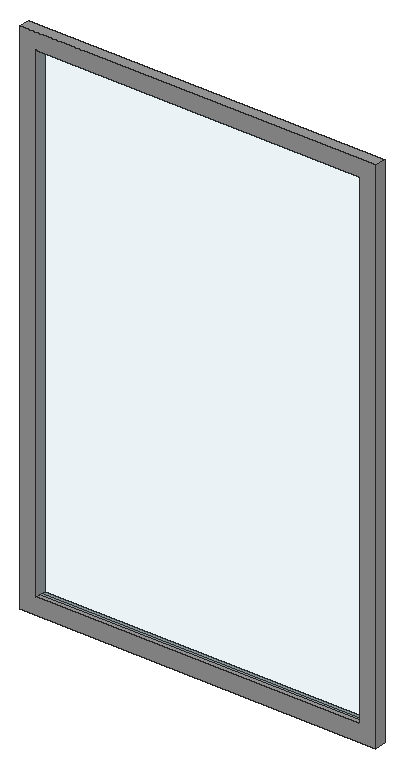
Revit family
Parameters (values of type "M_Curtain Wall Awning")
  valraam [instance] = yes
  uitzetraam [instance] = yes
  draairaam rechts [instance] = yes
  draairaam links [instance] = yes
  Glass Pane Material = Glass
  Offset = 75 mm
  Sash Material = Metal - Aluminum
  Sash Width = 75 mm
  Thickness = 50 mm
  Assembly Code = ""
Reference planes
  plane 1: y = 0
  plane 2: z = 0
  plane 3: x = 0
  plane 4: x = -831.877
  plane 5: x = 831.877
  plane 6: z = 2438.4
  plane 7 "buitenzijde": y = 75
  plane 8 "binnenzijde": y = 25
  plane 9: z = 2363.4
  plane 10: z = 75
  plane 11: x = 756.877
  plane 12: x = -756.877
  plane 13 "Closure": y = 44.05
  plane 14: z = 1219.2
Forms (mm)
  Extrusion 1, solid, material "Metal - Aluminum" <- "Sash Material"
    sketch origin (0, 0, 0) x (0, 0, -1) y (1, 0, 0)
      loop
        line (-2438.4, 831.877) -> (-2438.4, -831.877) -> (0, -831.877) -> (0, 831.877) -> (-2438.4, 831.877)
      loop
        line (-2363.4, 756.877) -> (-2363.4, -756.877) -> (-75, -756.877) -> (-75, 756.877) -> (-2363.4, 756.877)
    from -75 to -25
  Extrusion 2, solid, material "Glass" <- "Glass Pane Material"
    sketch origin (0, 25, 0) x (0, 0, -1) y (1, 0, 0)
      loop
        line (-2363.4, -756.877) -> (-75, -756.877) -> (-75, 756.877) -> (-2363.4, 756.877) -> (-2363.4, -756.877)
    from -31.75 to -19.05
Lines and regions (mm)
  symbolic lines, style "WindowsFrameMullionProjection"
    curve 1: line (756.877, 75, 0) -> (-756.877, 75, 0)
    curve 2: line (831.877, 25, 0) -> (831.877, 75, 0)
    curve 3: line (-756.877, 25, 0) -> (756.877, 25, 0)
    curve 4: line (-831.877, 75, 0) -> (-831.877, 25, 0)
    curve 9: line (-831.877, 75, 0) -> (-756.877, 75, 0)
    curve 10: line (-831.877, 25, 0) -> (-831.877, 75, 0)
    curve 11: line (-756.877, 25, 0) -> (-831.877, 25, 0)
    curve 12: line (-756.877, 75, 0) -> (-756.877, 25, 0)
    curve 13: line (831.877, 75, 0) -> (756.877, 75, 0)
    curve 14: line (831.877, 25, 0) -> (831.877, 75, 0)
    curve 15: line (756.877, 25, 0) -> (831.877, 25, 0)
    curve 16: line (756.877, 75, 0) -> (756.877, 25, 0)
  symbolic lines, style "Elevation Swing", visible <- "valraam"
    curve 5: line (831.877, 0, 0) -> (0, 0, 2438.4)
    curve 6: line (-831.877, 0, 0) -> (0, 0, 2438.4)
    curve 7: line (831.877, 75, 0) -> (0, 75, 2438.4)
    curve 8: line (-831.877, 75, 0) -> (0, 75, 2438.4)
  symbolic lines, style "WindowsGlassProjection"
    curve 17: line (-756.877, 49.6, 0) -> (756.877, 49.6, 0)
  symbolic lines, style "Elevation Swing", visible <- "uitzetraam"
    curve 18: line (831.877, 75, 2438.4) -> (0, 75, 0)
    curve 19: line (0, 75, 0) -> (-831.877, 75, 2438.4)
    curve 20: line (-831.877, 25, 2438.4) -> (0, 25, 0)
    curve 21: line (0, 25, 0) -> (831.877, 25, 2438.4)
  symbolic lines, style "Elevation Swing", visible <- "draairaam links"
    curve 22: line (831.877, 75, 2438.4) -> (-831.877, 75, 1219.2)
    curve 23: line (-831.877, 75, 1219.2) -> (831.877, 75, 0)
    curve 24: line (831.877, 25, 2438.4) -> (-831.877, 25, 1219.2)
    curve 25: line (-831.877, 25, 1219.2) -> (831.877, 25, 0)
  symbolic lines, style "Elevation Swing", visible <- "draairaam rechts"
    curve 26: line (-831.877, 75, 2438.4) -> (831.877, 75, 1219.2)
    curve 27: line (831.877, 75, 1219.2) -> (-831.877, 75, 0)
    curve 28: line (-831.877, 25, 2438.4) -> (831.877, 25, 1219.2)
    curve 29: line (831.877, 25, 1219.2) -> (-831.877, 25, 0)
Text (mm)
  text "Exterior" at (-205.379, 797.241, 0), in view "Base Line"
Dimensions and locks
  equal spacing: plane 4, plane 3, plane 5
  "Offset": plane 1 to plane 7 "buitenzijde"
  "Thickness": plane 8 "binnenzijde" to plane 7 "buitenzijde"
  "Sash Width": plane 11 to plane 5
  "Sash Width": plane 4 to plane 12
  "Sash Width": plane 9 to plane 6
  "Sash Width": plane 2 to plane 10
  Extrusion 2 to Extrusion 2 to plane 7 "buitenzijde" = 12.7 mm, 18.25 mm
  locked: plane 13 "Closure" to plane 7 "buitenzijde" at 30.95
  equal spacing: plane 2, plane 14, plane 6
  aligned and locked: Extrusion 1 to plane 7 "buitenzijde"
  aligned and locked: plane 8 "binnenzijde" to Extrusion 1
Automatic sketch dimensions
  Extrusion 1 sketch curve to plane 4 = 0 mm
  Extrusion 1 sketch curve to plane 6 = 0 mm
  Extrusion 1 sketch curve to plane 9 = 0 mm
  Extrusion 1 sketch curve to plane 10 = 0 mm
  Extrusion 1 sketch curve to level = 0 mm
  Extrusion 1 sketch curve to plane 12 = 0 mm
  Extrusion 1 sketch curve to plane 11 = 0 mm
  Extrusion 1 sketch curve to plane 5 = 0 mm
  Extrusion 2 sketch curve to plane 9 = 0 mm
  Extrusion 2 sketch curve to plane 10 = 0 mm
  Extrusion 2 sketch curve to plane 12 = 0 mm
  Extrusion 2 sketch curve to plane 11 = 0 mm
  curve 11 to plane 4 = 0 mm
  curve 12 to plane 7 "buitenzijde" = 0 mm
  curve 12 to plane 12 = 0 mm
  curve 3 to plane 8 "binnenzijde" = 0 mm
  curve 1 to plane 11 = 0 mm
  curve 13 to plane 5 = 0 mm
  plane 13 "Closure" to curve 17 = 5.55 mm
  curve 7 to plane 3 = 0 mm
  curve 7 to plane 6 = 0 mm
  curve 6 to plane 3 = 0 mm
  curve 6 to plane 6 = 0 mm
  curve 7 to level = 0 mm
  curve 8 to level = 0 mm
  curve 6 to level = 0 mm
  curve 5 to level = 0 mm
  curve 6 to plane 4 = 0 mm
  curve 8 to plane 4 = 0 mm
  curve 7 to plane 5 = 0 mm
  curve 5 to plane 5 = 0 mm
  curve 23 to plane 4 = 0 mm
  curve 26 to plane 4 = 0 mm
  curve 27 to level = 0 mm
  curve 27 to plane 4 = 0 mm
  curve 19 to level = 0 mm
  curve 19 to plane 3 = 0 mm
  curve 23 to level = 0 mm
  curve 23 to plane 5 = 0 mm
  curve 27 to plane 5 = 0 mm
  curve 18 to plane 5 = 0 mm
  curve 22 to plane 14 = 0 mm
  curve 26 to plane 14 = 0 mm
  curve 22 to plane 6 = 0 mm
  curve 19 to plane 6 = 0 mm
  curve 20 to plane 4 = 0 mm
  curve 25 to plane 4 = 0 mm
  curve 29 to level = 0 mm
  curve 29 to plane 4 = 0 mm
  curve 21 to level = 0 mm
  curve 21 to plane 3 = 0 mm
  curve 25 to level = 0 mm
  curve 25 to plane 5 = 0 mm
  curve 29 to plane 5 = 0 mm
  curve 21 to plane 5 = 0 mm
  curve 24 to plane 14 = 0 mm
  curve 29 to plane 14 = 0 mm
  curve 24 to plane 6 = 0 mm
  curve 20 to plane 6 = 0 mm
